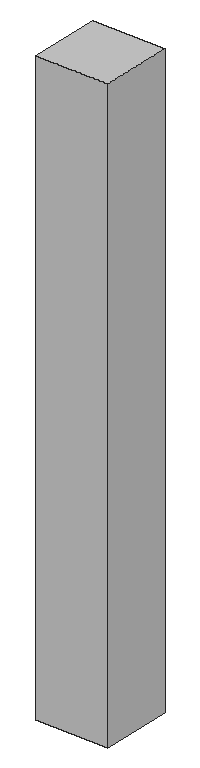
Revit family "M_Concrete-Square-Column", category 구조 기둥, Revit 2026
Family settings
  숨겨진 뷰로 표시 = 다른 부재에 가려진 모서리
  단면 모양 = 정의되지 않음
  모델 동작 재료 = 콘크리트
  항상 형상으로 내보내기 = 아니오
  평면의 보 전환 = 경계 상자에서
  로드될 때 보이드를 사용하여 절단 = 아니오
  기호 표현 = 패밀리에서
  공유 = 아니오
  평면도에서 미리 절단된 패밀리 표시 = 예
Parameters (values of type "300 x 300mm")
  Structural Material [instance] = Concrete - Cast-in-Place Concrete
  b = 300 mm
Types (5, lengths in mm): name | b
  (no name) | 300
  300 x 300mm | 300
  450 x 450mm | 450
  600 x 600mm | 600
  750 x 750mm | 750
Reference planes
  plane 1 "Center (Front/Back)": y = 0
  plane 2: z = 0
  plane 3 "Center (Left/Right)": x = 0
  plane 4: x = -150
  plane 5: x = 150
  plane 6: y = 150
  plane 7: y = -150
Forms (mm)
  Extrusion 1, solid, material "Concrete - Cast-in-Place Concrete" <- "Structural Material"
    sketch origin (0, 0, 0) x (1, 0, 0) y (0, 1, 0)
      loop
        line (-150, 150) -> (-150, -150) -> (150, -150) -> (150, 150) -> (-150, 150)
    from 0 to 2500
Dimensions and locks
  equal spacing: plane 4, plane 3 "Center (Left/Right)", plane 5
  equal spacing: plane 7, plane 1 "Center (Front/Back)", plane 6
  "b": plane 7 to plane 6
  "b": plane 4 to plane 5
  aligned and locked: plane 6 to Extrusion 1 sketch curve
  aligned and locked: Extrusion 1 sketch curve to plane 7
  aligned and locked: Extrusion 1 sketch curve to plane 4
  aligned and locked: plane 5 to Extrusion 1 sketch curve
  aligned and locked: level to Extrusion 1
  aligned and locked: level to plane 2
  aligned and locked: Extrusion 1 to plane 2
